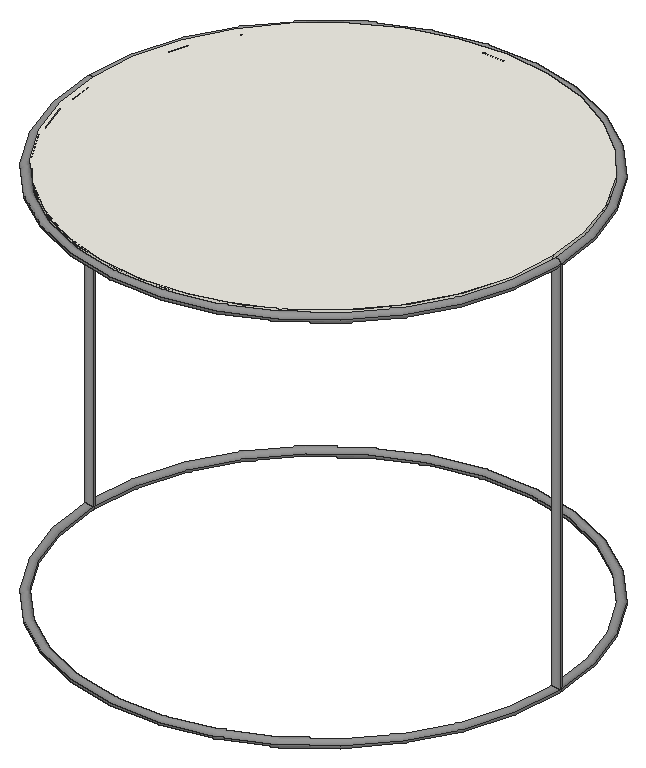
Revit family "Haworth_Cannot_Table", category Furniture, Revit 2018
Family settings
  OmniClass Number = 23.40.20.00
  OmniClass Title = General Furniture and Specialties
  Work Plane-Based = No
  Always vertical = Yes
  Cut with Voids When Loaded = No
  Shared = No
  Room Calculation Point = No
Parameters (values of type "HCCE-CNOT")
  Top Radius = Actual Radius - 0' 0 3/8"  # 0' - 11 1/32"
  Standard Width = "23 inches"  # constant formula
  Warranty = "http://www.haworth.com/resources/product-info/warranties"
  URL - Product = "https://www.haworth.com/na/en/products/side-occasional/cannot.html"
  URL = "http://www.haworth.com/our-brands/haworth-collection"
  Table Finish [instance] = Haworth _ Paint _ Collection White
  Size = "Verify Final Dim. w/ Haworth"  # constant formula
  Revision = "4"  # constant formula
  Post Spacing = Actual Radius - 0' 0 3/16"  # 0' - 11 7/32"
  Model = "HCCE-CNOT"
  Manufacturer = "Haworth"  # constant formula
  Standard Heights = "18.75 inches"  # constant formula
  Description = "Haworth Cannot Table"
  Standard Depth = "23 inches"  # constant formula
  Base Finish = Haworth _ Metal _ Stainless Steel
  Author = "Haworth (Hampton)"  # constant formula
  Assembly Code = "E2020200"
  Actual Radius = 0' - 11 13/32"  # constant formula
  Actual Height = 1' - 6 3/4"  # constant formula
Reference planes (in)
  plane 1 "Center Front/Back": y = 0
  plane 2: z = 0
  plane 3 "Center Left/Right": x = 0
  plane 4 "Top": z = 18.75
  plane 5 "Top Middle": z = 18.53125
  plane 6 "Bottom Middle": z = 0.1875
  plane 7 "Top Bottom": z = 18.3125
  plane 8 "Left Post": x = -11.21875
  plane 9 "Right Post": x = 11.21875
Forms (in)
  Extrusion 1, solid, material "Haworth _ Paint _ Collection White" <- "Table Finish"
    sketch origin (0, 0, 0) x (1, 0, 0) y (0, 1, 0)
      loop
        circle (0, 0) r 11.03125
    from 18.3125 to 18.75
  Extrusion 2, solid, material "Haworth _ Metal _ Stainless Steel" <- "Base Finish"
    sketch origin (0, 0, 0) x (1, 0, 0) y (0, 1, 0)
      loop
        circle (-11.21875, 0) r 0.1875
      loop
        circle (11.21875, 0) r 0.1875
    from 0.1875 to 18.53125
  Revolve 3, solid, material "Haworth _ Metal _ Stainless Steel" <- "Base Finish"
    sketch origin (0, 0, 0) x (1, 0, 0) y (0, 0, 1)
      loop
        circle (-11.21875, 18.53125) r 0.1875
      axis (0, 18.53125) -> (0, 18.49188)
    angle from 0 to 360
  Revolve 4, solid, material "Haworth _ Metal _ Stainless Steel" <- "Base Finish"
    sketch origin (0, 0, 0) x (1, 0, 0) y (0, 0, 1)
      loop
        circle (-11.21875, 0.1875) r 0.1875
      axis (0, 0.1875) -> (0, 0.14813)
    angle from 0 to 360
Cuts and joins
  joined: Extrusion 2, Revolve 3, Revolve 4
Lines and regions (in)
  Masking region 1
    outline origin (0, 0, 0) x (1, 0, 0) y (0, 1, 0)
      loop
        circle (0, 0) r 11.40625
Dimensions and locks (in)
  "Actual Height": plane 4 "Top" to level
  "Post Spacing": plane 3 "Center Left/Right" to plane 8 "Left Post"
  "Post Spacing": plane 9 "Right Post" to plane 3 "Center Left/Right"
  "Top Radius": radius of Extrusion 1 sketch curve
  "Actual Radius": radius of Masking region 1 sketch curve
  aligned and locked: plane 4 "Top" to Extrusion 1
  aligned: Extrusion 1 to plane 5 "Top Middle"
  aligned and locked: plane 5 "Top Middle" to Extrusion 2
  aligned and locked: Extrusion 1 to plane 7 "Top Bottom"
  aligned and locked: Extrusion 2 to plane 6 "Bottom Middle"
  aligned and locked: Revolve 3 sketch curve to plane 3 "Center Left/Right"
Automatic sketch dimensions
  Revolve 3 sketch curve to plane 5 "Top Middle" = 0' - 0"
  Revolve 3 sketch curve to plane 8 "Left Post" = 0' - 0"
  Revolve 3 sketch curve to level = 2' - 0"
  plane 4 "Top" to Revolve 3 sketch curve = 6' - 4.58184"
  Revolve 4 sketch curve to plane 6 "Bottom Middle" = 0' - 0"
  Revolve 4 sketch curve to plane 8 "Left Post" = 0' - 0"
  plane 1 "Center Front/Back" to Extrusion 2 sketch curve = 0' - 0"  (x2)
  Extrusion 2 sketch curve to plane 8 "Left Post" = 0' - 0"
  Extrusion 2 sketch curve to plane 9 "Right Post" = 0' - 0"
  plane 1 "Center Front/Back" to Extrusion 1 sketch curve = 0' - 0"
  Extrusion 1 sketch curve to plane 3 "Center Left/Right" = 0' - 0"
  plane 1 "Center Front/Back" to Masking region 1 sketch curve = 0' - 0"
  Masking region 1 sketch curve to plane 3 "Center Left/Right" = 0' - 0"
  radius of Revolve 3 sketch curve = 0' - 0 3/16"
  radius of Revolve 4 sketch curve = 0' - 0 3/16"
  radius of Extrusion 2 sketch curve = 0' - 0 3/16"  (x2)
